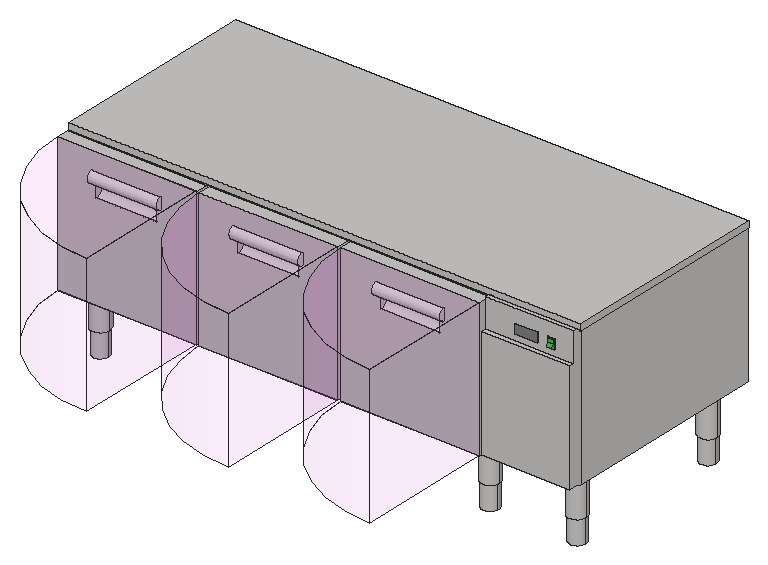
Revit family "QF_ZANUSSI_372293_Z7TTCECOMKN", category Specialty Equipment, Revit 2021
Family settings
  Round Connector Dimension = Use Diameter
  Part Type = Normal
  Work Plane-Based = No
  Always vertical = Yes
  Cut with Voids When Loaded = No
  Shared = No
  Room Calculation Point = No
Parameters (values of type "Standard")
  Weight = 110.00 kg
  Watts = 0 W
  Volts = 220 V
  URL Manufacturer = "http://www.zanussiprofessional.com"
  URL = "http://www.zanussiprofessional.com"
  Steam Supply Size = 0 mm
  Steam Supply Minimum Pressure = 0.0 Pa
  Steam Supply Maximum Pressure = 0.0 Pa
  Steam Pounds per Hour = 0
  Show Clearance [instance] = yes
  Refrigeration Suction Line Size = 0 mm
  Refrigeration Liquid Line Size = 0 mm
  Refrigerant Compressor Remote = yes
  Manufacturer = "Zanussi"
  Phase = 1
  Model = "Z7TTCECOMKN"
  Length Actual = 1600 mm
  Item Number = "372293"
  Hot Water Size = 0 mm
  Height Actual = 600 mm
  HP = "0.5 HP"
  Gas Size = 0 mm
  Gas KW = 0
  Gas Input Pressure = 0 W
  Direct Waste Size = 0 mm
  Description = "REFRIGERATED BASE WITH 3 DOORS 1600MM - R290"
  Depth Actual = 700 mm
  Default Elevation = 0 mm
  Cycle = 50 Hz
  Condensate Return Size = 0 mm
  Compressed Air Volume = 0.0 L/s
  Compressed Air Size = 0 mm
  Compressed Air Pressure = 0.0 Pa
  Cold Water Size = 0 mm
  Accessory = no
Reference planes
  plane 1 "Center X": y = -65.55
  plane 2: z = 0
  plane 3 "Centro (Sinistra/Destra)": x = -200
  plane 4: y = -315.05
  plane 5: y = 194.95
  plane 6 "BACK": y = 282.95
  plane 7 "FRONT": y = -414.05
  plane 8: y = -881.83
  plane 9: x = -944
  plane 10: x = 544
  plane 11: y = -369.551
  plane 12: z = 200
  plane 13 "TOP": z = 630
  plane 14 "LEFT": x = -1000
  plane 15 "RIGHT": x = 600
  plane 16: x = 272
Forms (mm)
  Extrusion 1, solid, material "QF_Finishes_Stainless Steel"
    sketch origin (-1022.223, -1524, 200) x (-1, 0, 0) y (0, -1, 0)
      loop
        line (-23.223, -1806.95) -> (-23.223, -1154.449) -> (-1621.223, -1154.449) -> (-1621.223, -1806.95) -> (-23.223, -1806.95)
    from 0 to 430
  Extrusion 2, solid, material "QF_Finishes_Stainless Steel"
    sketch origin (-1022.223, -1524, 200) x (-1, 0, 0) y (0, -1, 0)
      loop
        circle (-1581.223, -1646.95) r 12
    from -10 to 0
  Extrusion 3, solid, material "QF_Finishes_Stainless Steel"
    sketch origin (-599, 0, -5) x (0, 1, 0) y (0, 0, 1)
      loop
        line (-369.551, 635) -> (282.95, 635) -> (282.95, 655) -> (-369.551, 655) -> (-369.551, 635)
    from 1198 to -400
  Extrusion 4, solid, material "QF_Finishes_Stainless Steel"
    sketch origin (599, 0, 0) x (0, 1, 0) y (0, 0, 1)
      loop
        line (-369.551, 629.527) -> (-386.314, 640.994) -> (-397.65, 640.994) -> (-397.65, 549.796) -> (-414.05, 549.796) -> (-414.05, 204.796) -> (-384.714, 204.796) -> (-374.993, 200) -> (-369.551, 200) -> (-369.551, 629.527)
    from 0 to -275
  Extrusion 5, solid, material "QF_Finishes_Black"
    sketch origin (605.8, -397.65, 630.994) x (0, 0, -1) y (1, 0, 0)
      loop
        line (32.198, -86.899) -> (61.199, -86.899) -> (61.199, -64.9) -> (32.198, -64.9) -> (32.198, -86.899)
    from 0 to 1.6
  Extrusion 6, solid, material "QF_Finishes_Grey"
    sketch origin (627, -397.65, 630.994) x (0, 0, -1) y (1, 0, 0)
      loop
        line (32.198, -210.099) -> (61.199, -210.099) -> (61.199, -140.099) -> (32.198, -140.099) -> (32.198, -210.099)
    from 0 to 1.6
  Extrusion 7, solid, material "QF_Finishes_Green"
    sketch origin (540.9, -397.65, 598.796) x (0, 0, -1) y (0, 1, 0)
      loop
        line (2.279, -3.281) -> (14.5, -3.281) -> (25.308, -8.985)
        arc (25.308, -8.985) -> (26.537, -5.394) -> (26.605, -1.6) r 12.221
        line (26.605, -1.6) -> (2.395, -1.6)
        arc (2.395, -1.6) -> (2.308, -2.439) -> (2.279, -3.281) r 12.221
    from -20 to -2
  Extrusion 8, solid, material "QF_Finishes_Handrails and Railings"
    sketch origin (-356.028, -157.946, 1924.198) x (0, 0.885087, 0.465426) y (0, -0.465426, 0.885087)
      loop
        arc (-854.629, -1074.965) -> (-878.641, -1082.427) -> (-871.18, -1106.439) r 17.78
        line (-871.18, -1106.439) -> (-854.629, -1074.965)
    from -93.472 to 121.528
  Extrusion 9, solid, material "QF_Finishes_Stainless Steel"
    sketch origin (-556.053, 285.95, 14.715) x (0, 1, 0) y (0, 0, 1)
      loop
        line (-700, 486.991) -> (-660.001, 486.991) -> (-660.001, 530.285) -> (-678.147, 530.285) -> (-678.147, 511.464)
        arc (-678.147, 511.464) -> (-684.405, 495.059) -> (-700, 486.991) r 24.63
    from 118.753 to 309.354
  Extrusion 10, solid, material "QF_Finishes_Handrails and Railings"
    sketch origin (85.972, -157.946, 1924.198) x (0, 0.885087, 0.465426) y (0, -0.465426, 0.885087)
      loop
        arc (-854.629, -1074.965) -> (-878.641, -1082.427) -> (-871.18, -1106.439) r 17.78
        line (-871.18, -1106.439) -> (-854.629, -1074.965)
    from -89.472 to 121.528
  Extrusion 11, solid, material "QF_Finishes_Stainless Steel"
    sketch origin (-114.053, 285.95, 14.715) x (0, 1, 0) y (0, 0, 1)
      loop
        line (-700, 486.991) -> (-660.001, 486.991) -> (-660.001, 530.285) -> (-678.147, 530.285) -> (-678.147, 511.464)
        arc (-678.147, 511.464) -> (-684.405, 495.059) -> (-700, 486.991) r 24.63
    from 122.753 to 309.354
  Extrusion 12, solid, material "QF_Finishes_Stainless Steel"
    sketch origin (38, -414.05, 0) x (-1, 0, 0) y (0, 0, 1)
      loop
        line (595, 629.2) -> (160.999, 629.2) -> (160.999, 201.587) -> (595, 201.587) -> (595, 629.2)
      loop
        line (153, 629.2) -> (-281, 629.2) -> (-281, 201.587) -> (153, 201.587) -> (153, 629.2)
      loop
        line (475.3, 501.706) -> (475.3, 545) -> (284.699, 545) -> (284.699, 501.706) -> (475.3, 501.706)
      loop
        line (29.3, 501.706) -> (29.3, 545) -> (-157.301, 545) -> (-157.301, 501.706) -> (29.3, 501.706)
      loop
        line (1037, 629.2) -> (602.999, 629.2) -> (602.999, 201.587) -> (1037, 201.587) -> (1037, 629.2)
      loop
        line (917.3, 501.706) -> (917.3, 545) -> (726.699, 545) -> (726.699, 501.706) -> (917.3, 501.706)
    from 0 to 40
  Extrusion 13, solid, material "QF_Finishes_Handrails and Railings"
    sketch origin (-798.028, -157.946, 1924.198) x (0, 0.885087, 0.465426) y (0, -0.465426, 0.885087)
      loop
        arc (-854.629, -1074.965) -> (-878.641, -1082.427) -> (-871.18, -1106.439) r 17.78
        line (-871.18, -1106.439) -> (-854.629, -1074.965)
    from -93.472 to 121.528
  Extrusion 14, solid, material "QF_Finishes_Stainless Steel"
    sketch origin (-998.053, 285.95, 14.715) x (0, 1, 0) y (0, 0, 1)
      loop
        line (-700, 486.991) -> (-660.001, 486.991) -> (-660.001, 530.285) -> (-678.147, 530.285) -> (-678.147, 511.464)
        arc (-678.147, 511.464) -> (-684.405, 495.059) -> (-700, 486.991) r 24.63
    from 118.753 to 309.354
  Extrusion 15, solid, material "QF_Door-Drawer Clearances", visible <- "Show Clearance"
    sketch origin (-915, 437.3, 650) x (0, -1, 0) y (1, 0, 0)
      loop
        line (851.35, 1234) -> (851.35, 800)
        arc (851.35, 800) -> (1154.832, 928.644) -> (1278.963, 1234) r 431.526
        line (1278.963, 1234) -> (851.35, 1234)
      loop
        line (851.35, 792) -> (851.35, 358)
        arc (851.35, 358) -> (1154.832, 486.644) -> (1278.963, 792) r 431.526
        line (1278.963, 792) -> (851.35, 792)
      loop
        line (851.35, 350.001) -> (851.35, -83.999)
        arc (851.35, -83.999) -> (1154.832, 44.645) -> (1278.963, 350.001) r 431.526
        line (1278.963, 350.001) -> (851.35, 350.001)
    from -450 to -20
Lines and regions (mm)
  Split face 1
    outline origin (627, -399.25, 630.994) x (0, 0, -1) y (1, 0, 0)
      loop
        line (37.198, -200.099) -> (52.198, -200.099) -> (52.198, -150.099) -> (37.198, -150.099) -> (37.198, -200.099)
  Split face 2
    outline origin (627, -399.25, 630.994) x (0, 0, -1) y (1, 0, 0)
      loop
        line (59.151, -200.099) -> (59.151, -189.099) -> (54.151, -189.099) -> (54.151, -200.099) -> (59.151, -200.099)
  Split face 3
    outline origin (627, -399.25, 630.994) x (0, 0, -1) y (1, 0, 0)
      loop
        line (54.151, -187.099) -> (59.151, -187.099) -> (59.151, -176.099) -> (54.151, -176.099) -> (54.151, -187.099)
  Split face 4
    outline origin (640, -399.25, 630.994) x (0, 0, -1) y (1, 0, 0)
      loop
        line (54.151, -187.099) -> (59.151, -187.099) -> (59.151, -176.099) -> (54.151, -176.099) -> (54.151, -187.099)
  Split face 5
    outline origin (653, -399.25, 630.994) x (0, 0, -1) y (1, 0, 0)
      loop
        line (54.151, -187.099) -> (59.151, -187.099) -> (59.151, -176.099) -> (54.151, -176.099) -> (54.151, -187.099)
  Split face 6
    outline origin (304.5, -414.05, 713.499) x (1, 0, 0) y (0, 0, 1)
      loop
        arc (90.48, -282.599) -> (94.5, -278.61) -> (90.5, -274.599) r 4
        line (90.5, -274.599) -> (58.5, -274.599)
        arc (58.5, -274.599) -> (54.5, -278.61) -> (58.521, -282.599) r 4
        line (58.521, -282.599) -> (90.48, -282.599)
  Split face 7
    outline origin (304.5, -414.05, 725.499) x (1, 0, 0) y (0, 0, 1)
      loop
        arc (90.48, -282.599) -> (94.5, -278.61) -> (90.5, -274.599) r 4
        line (90.5, -274.599) -> (58.5, -274.599)
        arc (58.5, -274.599) -> (54.5, -278.61) -> (58.521, -282.599) r 4
        line (58.521, -282.599) -> (90.48, -282.599)
  Split face 8
    outline origin (304.5, -414.05, 737.499) x (1, 0, 0) y (0, 0, 1)
      loop
        arc (90.48, -282.599) -> (94.5, -278.61) -> (90.5, -274.599) r 4
        line (90.5, -274.599) -> (58.5, -274.599)
        arc (58.5, -274.599) -> (54.5, -278.61) -> (58.521, -282.599) r 4
        line (58.521, -282.599) -> (90.48, -282.599)
  Split face 9
    outline origin (304.5, -414.05, 749.396) x (1, 0, 0) y (0, 0, 1)
      loop
        arc (90.48, -282.599) -> (94.5, -278.61) -> (90.5, -274.599) r 4
        line (90.5, -274.599) -> (58.5, -274.599)
        arc (58.5, -274.599) -> (54.5, -278.61) -> (58.521, -282.599) r 4
        line (58.521, -282.599) -> (90.48, -282.599)
  Split face 10
    outline origin (304.5, -414.05, 761.395) x (1, 0, 0) y (0, 0, 1)
      loop
        arc (90.48, -282.599) -> (94.5, -278.61) -> (90.5, -274.599) r 4
        line (90.5, -274.599) -> (58.5, -274.599)
        arc (58.5, -274.599) -> (54.5, -278.61) -> (58.521, -282.599) r 4
        line (58.521, -282.599) -> (90.48, -282.599)
  Split face 11
    outline origin (304.5, -414.05, 773.395) x (1, 0, 0) y (0, 0, 1)
      loop
        arc (90.48, -282.599) -> (94.5, -278.61) -> (90.5, -274.599) r 4
        line (90.5, -274.599) -> (58.5, -274.599)
        arc (58.5, -274.599) -> (54.5, -278.61) -> (58.521, -282.599) r 4
        line (58.521, -282.599) -> (90.48, -282.599)
  Split face 12
    outline origin (304.5, -414.05, 785.395) x (1, 0, 0) y (0, 0, 1)
      loop
        arc (90.48, -282.599) -> (94.5, -278.61) -> (90.5, -274.599) r 4
        line (90.5, -274.599) -> (58.5, -274.599)
        arc (58.5, -274.599) -> (54.5, -278.61) -> (58.521, -282.599) r 4
        line (58.521, -282.599) -> (90.48, -282.599)
  Split face 13
    outline origin (304.5, -414.05, 797.395) x (1, 0, 0) y (0, 0, 1)
      loop
        arc (90.48, -282.599) -> (94.5, -278.61) -> (90.5, -274.599) r 4
        line (90.5, -274.599) -> (58.5, -274.599)
        arc (58.5, -274.599) -> (54.5, -278.61) -> (58.521, -282.599) r 4
        line (58.521, -282.599) -> (90.48, -282.599)
  Split face 14
    outline origin (304.5, -414.05, 809.395) x (1, 0, 0) y (0, 0, 1)
      loop
        arc (90.48, -282.599) -> (94.5, -278.61) -> (90.5, -274.599) r 4
        line (90.5, -274.599) -> (58.5, -274.599)
        arc (58.5, -274.599) -> (54.5, -278.61) -> (58.521, -282.599) r 4
        line (58.521, -282.599) -> (90.48, -282.599)
  Split face 15
    outline origin (304.5, -414.05, 701.499) x (1, 0, 0) y (0, 0, 1)
      loop
        arc (90.48, -282.599) -> (94.5, -278.61) -> (90.5, -274.599) r 4
        line (90.5, -274.599) -> (58.5, -274.599)
        arc (58.5, -274.599) -> (54.5, -278.61) -> (58.521, -282.599) r 4
        line (58.521, -282.599) -> (90.48, -282.599)
  Split face 16
    outline origin (304.5, -414.05, 605.603) x (1, 0, 0) y (0, 0, 1)
      loop
        arc (90.48, -282.599) -> (94.5, -278.61) -> (90.5, -274.599) r 4
        line (90.5, -274.599) -> (58.5, -274.599)
        arc (58.5, -274.599) -> (54.5, -278.61) -> (58.521, -282.599) r 4
        line (58.521, -282.599) -> (90.48, -282.599)
  Split face 17
    outline origin (304.5, -414.05, 617.603) x (1, 0, 0) y (0, 0, 1)
      loop
        arc (90.48, -282.599) -> (94.5, -278.61) -> (90.5, -274.599) r 4
        line (90.5, -274.599) -> (58.5, -274.599)
        arc (58.5, -274.599) -> (54.5, -278.61) -> (58.521, -282.599) r 4
        line (58.521, -282.599) -> (90.48, -282.599)
  Split face 18
    outline origin (304.5, -414.05, 629.602) x (1, 0, 0) y (0, 0, 1)
      loop
        arc (90.48, -282.599) -> (94.5, -278.61) -> (90.5, -274.599) r 4
        line (90.5, -274.599) -> (58.5, -274.599)
        arc (58.5, -274.599) -> (54.5, -278.61) -> (58.521, -282.599) r 4
        line (58.521, -282.599) -> (90.48, -282.599)
  Split face 19
    outline origin (304.5, -414.05, 677.499) x (1, 0, 0) y (0, 0, 1)
      loop
        arc (90.48, -282.599) -> (94.5, -278.61) -> (90.5, -274.599) r 4
        line (90.5, -274.599) -> (58.5, -274.599)
        arc (58.5, -274.599) -> (54.5, -278.61) -> (58.521, -282.599) r 4
        line (58.521, -282.599) -> (90.48, -282.599)
  Split face 20
    outline origin (304.5, -414.05, 689.499) x (1, 0, 0) y (0, 0, 1)
      loop
        arc (90.48, -282.599) -> (94.5, -278.61) -> (90.5, -274.599) r 4
        line (90.5, -274.599) -> (58.5, -274.599)
        arc (58.5, -274.599) -> (54.5, -278.61) -> (58.521, -282.599) r 4
        line (58.521, -282.599) -> (90.48, -282.599)
  Split face 21
    outline origin (304.5, -414.05, 593.603) x (1, 0, 0) y (0, 0, 1)
      loop
        arc (90.48, -282.599) -> (94.5, -278.61) -> (90.5, -274.599) r 4
        line (90.5, -274.599) -> (58.5, -274.599)
        arc (58.5, -274.599) -> (54.5, -278.61) -> (58.521, -282.599) r 4
        line (58.521, -282.599) -> (90.48, -282.599)
  Split face 22
    outline origin (304.5, -414.05, 497.707) x (1, 0, 0) y (0, 0, 1)
      loop
        arc (90.48, -282.599) -> (94.5, -278.61) -> (90.5, -274.599) r 4
        line (90.5, -274.599) -> (58.5, -274.599)
        arc (58.5, -274.599) -> (54.5, -278.61) -> (58.521, -282.599) r 4
        line (58.521, -282.599) -> (90.48, -282.599)
  Split face 23
    outline origin (304.5, -414.05, 509.707) x (1, 0, 0) y (0, 0, 1)
      loop
        arc (90.48, -282.599) -> (94.5, -278.61) -> (90.5, -274.599) r 4
        line (90.5, -274.599) -> (58.5, -274.599)
        arc (58.5, -274.599) -> (54.5, -278.61) -> (58.521, -282.599) r 4
        line (58.521, -282.599) -> (90.48, -282.599)
  Split face 24
    outline origin (304.5, -414.05, 521.706) x (1, 0, 0) y (0, 0, 1)
      loop
        arc (90.48, -282.599) -> (94.5, -278.61) -> (90.5, -274.599) r 4
        line (90.5, -274.599) -> (58.5, -274.599)
        arc (58.5, -274.599) -> (54.5, -278.61) -> (58.521, -282.599) r 4
        line (58.521, -282.599) -> (90.48, -282.599)
  Split face 25
    outline origin (304.5, -414.05, 533.604) x (1, 0, 0) y (0, 0, 1)
      loop
        arc (90.48, -282.599) -> (94.5, -278.61) -> (90.5, -274.599) r 4
        line (90.5, -274.599) -> (58.5, -274.599)
        arc (58.5, -274.599) -> (54.5, -278.61) -> (58.521, -282.599) r 4
        line (58.521, -282.599) -> (90.48, -282.599)
  Split face 26
    outline origin (304.5, -414.05, 545.603) x (1, 0, 0) y (0, 0, 1)
      loop
        arc (90.48, -282.599) -> (94.5, -278.61) -> (90.5, -274.599) r 4
        line (90.5, -274.599) -> (58.5, -274.599)
        arc (58.5, -274.599) -> (54.5, -278.61) -> (58.521, -282.599) r 4
        line (58.521, -282.599) -> (90.48, -282.599)
  Split face 27
    outline origin (304.5, -414.05, 557.603) x (1, 0, 0) y (0, 0, 1)
      loop
        arc (90.48, -282.599) -> (94.5, -278.61) -> (90.5, -274.599) r 4
        line (90.5, -274.599) -> (58.5, -274.599)
        arc (58.5, -274.599) -> (54.5, -278.61) -> (58.521, -282.599) r 4
        line (58.521, -282.599) -> (90.48, -282.599)
  Split face 28
    outline origin (304.5, -414.05, 569.603) x (1, 0, 0) y (0, 0, 1)
      loop
        arc (90.48, -282.599) -> (94.5, -278.61) -> (90.5, -274.599) r 4
        line (90.5, -274.599) -> (58.5, -274.599)
        arc (58.5, -274.599) -> (54.5, -278.61) -> (58.521, -282.599) r 4
        line (58.521, -282.599) -> (90.48, -282.599)
  Split face 29
    outline origin (304.5, -414.05, 581.603) x (1, 0, 0) y (0, 0, 1)
      loop
        arc (90.48, -282.599) -> (94.5, -278.61) -> (90.5, -274.599) r 4
        line (90.5, -274.599) -> (58.5, -274.599)
        arc (58.5, -274.599) -> (54.5, -278.61) -> (58.521, -282.599) r 4
        line (58.521, -282.599) -> (90.48, -282.599)
  Split face 30
    outline origin (359.5, -414.05, 713.499) x (1, 0, 0) y (0, 0, 1)
      loop
        arc (90.48, -282.599) -> (94.5, -278.61) -> (90.5, -274.599) r 4
        line (90.5, -274.599) -> (58.5, -274.599)
        arc (58.5, -274.599) -> (54.5, -278.61) -> (58.521, -282.599) r 4
        line (58.521, -282.599) -> (90.48, -282.599)
  Split face 31
    outline origin (359.5, -414.05, 725.499) x (1, 0, 0) y (0, 0, 1)
      loop
        arc (90.48, -282.599) -> (94.5, -278.61) -> (90.5, -274.599) r 4
        line (90.5, -274.599) -> (58.5, -274.599)
        arc (58.5, -274.599) -> (54.5, -278.61) -> (58.521, -282.599) r 4
        line (58.521, -282.599) -> (90.48, -282.599)
  Split face 32
    outline origin (359.5, -414.05, 737.499) x (1, 0, 0) y (0, 0, 1)
      loop
        arc (90.48, -282.599) -> (94.5, -278.61) -> (90.5, -274.599) r 4
        line (90.5, -274.599) -> (58.5, -274.599)
        arc (58.5, -274.599) -> (54.5, -278.61) -> (58.521, -282.599) r 4
        line (58.521, -282.599) -> (90.48, -282.599)
  Split face 33
    outline origin (359.5, -414.05, 749.396) x (1, 0, 0) y (0, 0, 1)
      loop
        arc (90.48, -282.599) -> (94.5, -278.61) -> (90.5, -274.599) r 4
        line (90.5, -274.599) -> (58.5, -274.599)
        arc (58.5, -274.599) -> (54.5, -278.61) -> (58.521, -282.599) r 4
        line (58.521, -282.599) -> (90.48, -282.599)
  Split face 34
    outline origin (359.5, -414.05, 761.395) x (1, 0, 0) y (0, 0, 1)
      loop
        arc (90.48, -282.599) -> (94.5, -278.61) -> (90.5, -274.599) r 4
        line (90.5, -274.599) -> (58.5, -274.599)
        arc (58.5, -274.599) -> (54.5, -278.61) -> (58.521, -282.599) r 4
        line (58.521, -282.599) -> (90.48, -282.599)
  Split face 35
    outline origin (359.5, -414.05, 773.395) x (1, 0, 0) y (0, 0, 1)
      loop
        arc (90.48, -282.599) -> (94.5, -278.61) -> (90.5, -274.599) r 4
        line (90.5, -274.599) -> (58.5, -274.599)
        arc (58.5, -274.599) -> (54.5, -278.61) -> (58.521, -282.599) r 4
        line (58.521, -282.599) -> (90.48, -282.599)
  Split face 36
    outline origin (359.5, -414.05, 785.395) x (1, 0, 0) y (0, 0, 1)
      loop
        arc (90.48, -282.599) -> (94.5, -278.61) -> (90.5, -274.599) r 4
        line (90.5, -274.599) -> (58.5, -274.599)
        arc (58.5, -274.599) -> (54.5, -278.61) -> (58.521, -282.599) r 4
        line (58.521, -282.599) -> (90.48, -282.599)
  Split face 37
    outline origin (359.5, -414.05, 797.395) x (1, 0, 0) y (0, 0, 1)
      loop
        arc (90.48, -282.599) -> (94.5, -278.61) -> (90.5, -274.599) r 4
        line (90.5, -274.599) -> (58.5, -274.599)
        arc (58.5, -274.599) -> (54.5, -278.61) -> (58.521, -282.599) r 4
        line (58.521, -282.599) -> (90.48, -282.599)
  Split face 38
    outline origin (359.5, -414.05, 809.395) x (1, 0, 0) y (0, 0, 1)
      loop
        arc (90.48, -282.599) -> (94.5, -278.61) -> (90.5, -274.599) r 4
        line (90.5, -274.599) -> (58.5, -274.599)
        arc (58.5, -274.599) -> (54.5, -278.61) -> (58.521, -282.599) r 4
        line (58.521, -282.599) -> (90.48, -282.599)
  Split face 39
    outline origin (359.5, -414.05, 701.499) x (1, 0, 0) y (0, 0, 1)
      loop
        arc (90.48, -282.599) -> (94.5, -278.61) -> (90.5, -274.599) r 4
        line (90.5, -274.599) -> (58.5, -274.599)
        arc (58.5, -274.599) -> (54.5, -278.61) -> (58.521, -282.599) r 4
        line (58.521, -282.599) -> (90.48, -282.599)
  Split face 40
    outline origin (359.5, -414.05, 605.603) x (1, 0, 0) y (0, 0, 1)
      loop
        arc (90.48, -282.599) -> (94.5, -278.61) -> (90.5, -274.599) r 4
        line (90.5, -274.599) -> (58.5, -274.599)
        arc (58.5, -274.599) -> (54.5, -278.61) -> (58.521, -282.599) r 4
        line (58.521, -282.599) -> (90.48, -282.599)
  Split face 41
    outline origin (359.5, -414.05, 617.603) x (1, 0, 0) y (0, 0, 1)
      loop
        arc (90.48, -282.599) -> (94.5, -278.61) -> (90.5, -274.599) r 4
        line (90.5, -274.599) -> (58.5, -274.599)
        arc (58.5, -274.599) -> (54.5, -278.61) -> (58.521, -282.599) r 4
        line (58.521, -282.599) -> (90.48, -282.599)
  Split face 42
    outline origin (359.5, -414.05, 629.602) x (1, 0, 0) y (0, 0, 1)
      loop
        arc (90.48, -282.599) -> (94.5, -278.61) -> (90.5, -274.599) r 4
        line (90.5, -274.599) -> (58.5, -274.599)
        arc (58.5, -274.599) -> (54.5, -278.61) -> (58.521, -282.599) r 4
        line (58.521, -282.599) -> (90.48, -282.599)
  Split face 43
    outline origin (359.5, -414.05, 677.499) x (1, 0, 0) y (0, 0, 1)
      loop
        arc (90.48, -282.599) -> (94.5, -278.61) -> (90.5, -274.599) r 4
        line (90.5, -274.599) -> (58.5, -274.599)
        arc (58.5, -274.599) -> (54.5, -278.61) -> (58.521, -282.599) r 4
        line (58.521, -282.599) -> (90.48, -282.599)
  Split face 44
    outline origin (359.5, -414.05, 689.499) x (1, 0, 0) y (0, 0, 1)
      loop
        arc (90.48, -282.599) -> (94.5, -278.61) -> (90.5, -274.599) r 4
        line (90.5, -274.599) -> (58.5, -274.599)
        arc (58.5, -274.599) -> (54.5, -278.61) -> (58.521, -282.599) r 4
        line (58.521, -282.599) -> (90.48, -282.599)
  Split face 45
    outline origin (359.5, -414.05, 593.603) x (1, 0, 0) y (0, 0, 1)
      loop
        arc (90.48, -282.599) -> (94.5, -278.61) -> (90.5, -274.599) r 4
        line (90.5, -274.599) -> (58.5, -274.599)
        arc (58.5, -274.599) -> (54.5, -278.61) -> (58.521, -282.599) r 4
        line (58.521, -282.599) -> (90.48, -282.599)
  Split face 46
    outline origin (359.5, -414.05, 497.707) x (1, 0, 0) y (0, 0, 1)
      loop
        arc (90.48, -282.599) -> (94.5, -278.61) -> (90.5, -274.599) r 4
        line (90.5, -274.599) -> (58.5, -274.599)
        arc (58.5, -274.599) -> (54.5, -278.61) -> (58.521, -282.599) r 4
        line (58.521, -282.599) -> (90.48, -282.599)
  Split face 47
    outline origin (359.5, -414.05, 509.707) x (1, 0, 0) y (0, 0, 1)
      loop
        arc (90.48, -282.599) -> (94.5, -278.61) -> (90.5, -274.599) r 4
        line (90.5, -274.599) -> (58.5, -274.599)
        arc (58.5, -274.599) -> (54.5, -278.61) -> (58.521, -282.599) r 4
        line (58.521, -282.599) -> (90.48, -282.599)
  Split face 48
    outline origin (359.5, -414.05, 521.706) x (1, 0, 0) y (0, 0, 1)
      loop
        arc (90.48, -282.599) -> (94.5, -278.61) -> (90.5, -274.599) r 4
        line (90.5, -274.599) -> (58.5, -274.599)
        arc (58.5, -274.599) -> (54.5, -278.61) -> (58.521, -282.599) r 4
        line (58.521, -282.599) -> (90.48, -282.599)
  Split face 49
    outline origin (359.5, -414.05, 533.604) x (1, 0, 0) y (0, 0, 1)
      loop
        arc (90.48, -282.599) -> (94.5, -278.61) -> (90.5, -274.599) r 4
        line (90.5, -274.599) -> (58.5, -274.599)
        arc (58.5, -274.599) -> (54.5, -278.61) -> (58.521, -282.599) r 4
        line (58.521, -282.599) -> (90.48, -282.599)
  Split face 50
    outline origin (359.5, -414.05, 545.603) x (1, 0, 0) y (0, 0, 1)
      loop
        arc (90.48, -282.599) -> (94.5, -278.61) -> (90.5, -274.599) r 4
        line (90.5, -274.599) -> (58.5, -274.599)
        arc (58.5, -274.599) -> (54.5, -278.61) -> (58.521, -282.599) r 4
        line (58.521, -282.599) -> (90.48, -282.599)
  Split face 51
    outline origin (359.5, -414.05, 557.603) x (1, 0, 0) y (0, 0, 1)
      loop
        arc (90.48, -282.599) -> (94.5, -278.61) -> (90.5, -274.599) r 4
        line (90.5, -274.599) -> (58.5, -274.599)
        arc (58.5, -274.599) -> (54.5, -278.61) -> (58.521, -282.599) r 4
        line (58.521, -282.599) -> (90.48, -282.599)
  Split face 52
    outline origin (359.5, -414.05, 569.603) x (1, 0, 0) y (0, 0, 1)
      loop
        arc (90.48, -282.599) -> (94.5, -278.61) -> (90.5, -274.599) r 4
        line (90.5, -274.599) -> (58.5, -274.599)
        arc (58.5, -274.599) -> (54.5, -278.61) -> (58.521, -282.599) r 4
        line (58.521, -282.599) -> (90.48, -282.599)
  Split face 53
    outline origin (359.5, -414.05, 581.603) x (1, 0, 0) y (0, 0, 1)
      loop
        arc (90.48, -282.599) -> (94.5, -278.61) -> (90.5, -274.599) r 4
        line (90.5, -274.599) -> (58.5, -274.599)
        arc (58.5, -274.599) -> (54.5, -278.61) -> (58.521, -282.599) r 4
        line (58.521, -282.599) -> (90.48, -282.599)
  Split face 54
    outline origin (414.5, -414.05, 713.499) x (1, 0, 0) y (0, 0, 1)
      loop
        arc (90.48, -282.599) -> (94.5, -278.61) -> (90.5, -274.599) r 4
        line (90.5, -274.599) -> (58.5, -274.599)
        arc (58.5, -274.599) -> (54.5, -278.61) -> (58.521, -282.599) r 4
        line (58.521, -282.599) -> (90.48, -282.599)
  Split face 55
    outline origin (414.5, -414.05, 725.499) x (1, 0, 0) y (0, 0, 1)
      loop
        arc (90.48, -282.599) -> (94.5, -278.61) -> (90.5, -274.599) r 4
        line (90.5, -274.599) -> (58.5, -274.599)
        arc (58.5, -274.599) -> (54.5, -278.61) -> (58.521, -282.599) r 4
        line (58.521, -282.599) -> (90.48, -282.599)
  Split face 56
    outline origin (414.5, -414.05, 737.499) x (1, 0, 0) y (0, 0, 1)
      loop
        arc (90.48, -282.599) -> (94.5, -278.61) -> (90.5, -274.599) r 4
        line (90.5, -274.599) -> (58.5, -274.599)
        arc (58.5, -274.599) -> (54.5, -278.61) -> (58.521, -282.599) r 4
        line (58.521, -282.599) -> (90.48, -282.599)
  Split face 57
    outline origin (414.5, -414.05, 749.396) x (1, 0, 0) y (0, 0, 1)
      loop
        arc (90.48, -282.599) -> (94.5, -278.61) -> (90.5, -274.599) r 4
        line (90.5, -274.599) -> (58.5, -274.599)
        arc (58.5, -274.599) -> (54.5, -278.61) -> (58.521, -282.599) r 4
        line (58.521, -282.599) -> (90.48, -282.599)
  Split face 58
    outline origin (414.5, -414.05, 761.395) x (1, 0, 0) y (0, 0, 1)
      loop
        arc (90.48, -282.599) -> (94.5, -278.61) -> (90.5, -274.599) r 4
        line (90.5, -274.599) -> (58.5, -274.599)
        arc (58.5, -274.599) -> (54.5, -278.61) -> (58.521, -282.599) r 4
        line (58.521, -282.599) -> (90.48, -282.599)
  Split face 59
    outline origin (414.5, -414.05, 773.395) x (1, 0, 0) y (0, 0, 1)
      loop
        arc (90.48, -282.599) -> (94.5, -278.61) -> (90.5, -274.599) r 4
        line (90.5, -274.599) -> (58.5, -274.599)
        arc (58.5, -274.599) -> (54.5, -278.61) -> (58.521, -282.599) r 4
        line (58.521, -282.599) -> (90.48, -282.599)
  Split face 60
    outline origin (414.5, -414.05, 785.395) x (1, 0, 0) y (0, 0, 1)
      loop
        arc (90.48, -282.599) -> (94.5, -278.61) -> (90.5, -274.599) r 4
        line (90.5, -274.599) -> (58.5, -274.599)
        arc (58.5, -274.599) -> (54.5, -278.61) -> (58.521, -282.599) r 4
        line (58.521, -282.599) -> (90.48, -282.599)
  Split face 61
    outline origin (414.5, -414.05, 797.395) x (1, 0, 0) y (0, 0, 1)
      loop
        arc (90.48, -282.599) -> (94.5, -278.61) -> (90.5, -274.599) r 4
        line (90.5, -274.599) -> (58.5, -274.599)
        arc (58.5, -274.599) -> (54.5, -278.61) -> (58.521, -282.599) r 4
        line (58.521, -282.599) -> (90.48, -282.599)
  Split face 62
    outline origin (414.5, -414.05, 809.395) x (1, 0, 0) y (0, 0, 1)
      loop
        arc (90.48, -282.599) -> (94.5, -278.61) -> (90.5, -274.599) r 4
        line (90.5, -274.599) -> (58.5, -274.599)
        arc (58.5, -274.599) -> (54.5, -278.61) -> (58.521, -282.599) r 4
        line (58.521, -282.599) -> (90.48, -282.599)
  Split face 63
    outline origin (414.5, -414.05, 701.499) x (1, 0, 0) y (0, 0, 1)
      loop
        arc (90.48, -282.599) -> (94.5, -278.61) -> (90.5, -274.599) r 4
        line (90.5, -274.599) -> (58.5, -274.599)
        arc (58.5, -274.599) -> (54.5, -278.61) -> (58.521, -282.599) r 4
        line (58.521, -282.599) -> (90.48, -282.599)
  Split face 64
    outline origin (414.5, -414.05, 605.603) x (1, 0, 0) y (0, 0, 1)
      loop
        arc (90.48, -282.599) -> (94.5, -278.61) -> (90.5, -274.599) r 4
        line (90.5, -274.599) -> (58.5, -274.599)
        arc (58.5, -274.599) -> (54.5, -278.61) -> (58.521, -282.599) r 4
        line (58.521, -282.599) -> (90.48, -282.599)
  Split face 65
    outline origin (414.5, -414.05, 617.603) x (1, 0, 0) y (0, 0, 1)
      loop
        arc (90.48, -282.599) -> (94.5, -278.61) -> (90.5, -274.599) r 4
        line (90.5, -274.599) -> (58.5, -274.599)
        arc (58.5, -274.599) -> (54.5, -278.61) -> (58.521, -282.599) r 4
        line (58.521, -282.599) -> (90.48, -282.599)
  Split face 66
    outline origin (414.5, -414.05, 629.602) x (1, 0, 0) y (0, 0, 1)
      loop
        arc (90.48, -282.599) -> (94.5, -278.61) -> (90.5, -274.599) r 4
        line (90.5, -274.599) -> (58.5, -274.599)
        arc (58.5, -274.599) -> (54.5, -278.61) -> (58.521, -282.599) r 4
        line (58.521, -282.599) -> (90.48, -282.599)
  Split face 67
    outline origin (414.5, -414.05, 677.499) x (1, 0, 0) y (0, 0, 1)
      loop
        arc (90.48, -282.599) -> (94.5, -278.61) -> (90.5, -274.599) r 4
        line (90.5, -274.599) -> (58.5, -274.599)
        arc (58.5, -274.599) -> (54.5, -278.61) -> (58.521, -282.599) r 4
        line (58.521, -282.599) -> (90.48, -282.599)
  Split face 68
    outline origin (414.5, -414.05, 689.499) x (1, 0, 0) y (0, 0, 1)
      loop
        arc (90.48, -282.599) -> (94.5, -278.61) -> (90.5, -274.599) r 4
        line (90.5, -274.599) -> (58.5, -274.599)
        arc (58.5, -274.599) -> (54.5, -278.61) -> (58.521, -282.599) r 4
        line (58.521, -282.599) -> (90.48, -282.599)
  Split face 69
    outline origin (414.5, -414.05, 593.603) x (1, 0, 0) y (0, 0, 1)
      loop
        arc (90.48, -282.599) -> (94.5, -278.61) -> (90.5, -274.599) r 4
        line (90.5, -274.599) -> (58.5, -274.599)
        arc (58.5, -274.599) -> (54.5, -278.61) -> (58.521, -282.599) r 4
        line (58.521, -282.599) -> (90.48, -282.599)
  Split face 70
    outline origin (414.5, -414.05, 497.707) x (1, 0, 0) y (0, 0, 1)
      loop
        arc (90.48, -282.599) -> (94.5, -278.61) -> (90.5, -274.599) r 4
        line (90.5, -274.599) -> (58.5, -274.599)
        arc (58.5, -274.599) -> (54.5, -278.61) -> (58.521, -282.599) r 4
        line (58.521, -282.599) -> (90.48, -282.599)
  Split face 71
    outline origin (414.5, -414.05, 509.707) x (1, 0, 0) y (0, 0, 1)
      loop
        arc (90.48, -282.599) -> (94.5, -278.61) -> (90.5, -274.599) r 4
        line (90.5, -274.599) -> (58.5, -274.599)
        arc (58.5, -274.599) -> (54.5, -278.61) -> (58.521, -282.599) r 4
        line (58.521, -282.599) -> (90.48, -282.599)
  Split face 72
    outline origin (414.5, -414.05, 521.706) x (1, 0, 0) y (0, 0, 1)
      loop
        arc (90.48, -282.599) -> (94.5, -278.61) -> (90.5, -274.599) r 4
        line (90.5, -274.599) -> (58.5, -274.599)
        arc (58.5, -274.599) -> (54.5, -278.61) -> (58.521, -282.599) r 4
        line (58.521, -282.599) -> (90.48, -282.599)
  Split face 73
    outline origin (414.5, -414.05, 533.604) x (1, 0, 0) y (0, 0, 1)
      loop
        arc (90.48, -282.599) -> (94.5, -278.61) -> (90.5, -274.599) r 4
        line (90.5, -274.599) -> (58.5, -274.599)
        arc (58.5, -274.599) -> (54.5, -278.61) -> (58.521, -282.599) r 4
        line (58.521, -282.599) -> (90.48, -282.599)
  Split face 74
    outline origin (414.5, -414.05, 545.603) x (1, 0, 0) y (0, 0, 1)
      loop
        arc (90.48, -282.599) -> (94.5, -278.61) -> (90.5, -274.599) r 4
        line (90.5, -274.599) -> (58.5, -274.599)
        arc (58.5, -274.599) -> (54.5, -278.61) -> (58.521, -282.599) r 4
        line (58.521, -282.599) -> (90.48, -282.599)
  Split face 75
    outline origin (414.5, -414.05, 557.603) x (1, 0, 0) y (0, 0, 1)
      loop
        arc (90.48, -282.599) -> (94.5, -278.61) -> (90.5, -274.599) r 4
        line (90.5, -274.599) -> (58.5, -274.599)
        arc (58.5, -274.599) -> (54.5, -278.61) -> (58.521, -282.599) r 4
        line (58.521, -282.599) -> (90.48, -282.599)
  Split face 76
    outline origin (414.5, -414.05, 569.603) x (1, 0, 0) y (0, 0, 1)
      loop
        arc (90.48, -282.599) -> (94.5, -278.61) -> (90.5, -274.599) r 4
        line (90.5, -274.599) -> (58.5, -274.599)
        arc (58.5, -274.599) -> (54.5, -278.61) -> (58.521, -282.599) r 4
        line (58.521, -282.599) -> (90.48, -282.599)
  Split face 77
    outline origin (414.5, -414.05, 581.603) x (1, 0, 0) y (0, 0, 1)
      loop
        arc (90.48, -282.599) -> (94.5, -278.61) -> (90.5, -274.599) r 4
        line (90.5, -274.599) -> (58.5, -274.599)
        arc (58.5, -274.599) -> (54.5, -278.61) -> (58.521, -282.599) r 4
        line (58.521, -282.599) -> (90.48, -282.599)
  Split face 78
    outline origin (507.5, -414.05, 713.499) x (1, 0, 0) y (0, 0, 1)
      loop
        arc (52.48, -282.599) -> (56.5, -278.61) -> (52.5, -274.599) r 4
        line (52.5, -274.599) -> (20.5, -274.599)
        arc (20.5, -274.599) -> (16.5, -278.61) -> (20.521, -282.599) r 4
        line (20.521, -282.599) -> (52.48, -282.599)
  Split face 79
    outline origin (507.5, -414.05, 725.499) x (1, 0, 0) y (0, 0, 1)
      loop
        arc (52.48, -282.599) -> (56.5, -278.61) -> (52.5, -274.599) r 4
        line (52.5, -274.599) -> (20.5, -274.599)
        arc (20.5, -274.599) -> (16.5, -278.61) -> (20.521, -282.599) r 4
        line (20.521, -282.599) -> (52.48, -282.599)
  Split face 80
    outline origin (507.5, -414.05, 737.499) x (1, 0, 0) y (0, 0, 1)
      loop
        arc (52.48, -282.599) -> (56.5, -278.61) -> (52.5, -274.599) r 4
        line (52.5, -274.599) -> (20.5, -274.599)
        arc (20.5, -274.599) -> (16.5, -278.61) -> (20.521, -282.599) r 4
        line (20.521, -282.599) -> (52.48, -282.599)
  Split face 81
    outline origin (507.5, -414.05, 749.396) x (1, 0, 0) y (0, 0, 1)
      loop
        arc (52.48, -282.599) -> (56.5, -278.61) -> (52.5, -274.599) r 4
        line (52.5, -274.599) -> (20.5, -274.599)
        arc (20.5, -274.599) -> (16.5, -278.61) -> (20.521, -282.599) r 4
        line (20.521, -282.599) -> (52.48, -282.599)
  Split face 82
    outline origin (507.5, -414.05, 761.395) x (1, 0, 0) y (0, 0, 1)
      loop
        arc (52.48, -282.599) -> (56.5, -278.61) -> (52.5, -274.599) r 4
        line (52.5, -274.599) -> (20.5, -274.599)
        arc (20.5, -274.599) -> (16.5, -278.61) -> (20.521, -282.599) r 4
        line (20.521, -282.599) -> (52.48, -282.599)
  Split face 83
    outline origin (507.5, -414.05, 773.395) x (1, 0, 0) y (0, 0, 1)
      loop
        arc (52.48, -282.599) -> (56.5, -278.61) -> (52.5, -274.599) r 4
        line (52.5, -274.599) -> (20.5, -274.599)
        arc (20.5, -274.599) -> (16.5, -278.61) -> (20.521, -282.599) r 4
        line (20.521, -282.599) -> (52.48, -282.599)
  Split face 84
    outline origin (507.5, -414.05, 785.395) x (1, 0, 0) y (0, 0, 1)
      loop
        arc (52.48, -282.599) -> (56.5, -278.61) -> (52.5, -274.599) r 4
        line (52.5, -274.599) -> (20.5, -274.599)
        arc (20.5, -274.599) -> (16.5, -278.61) -> (20.521, -282.599) r 4
        line (20.521, -282.599) -> (52.48, -282.599)
  Split face 85
    outline origin (507.5, -414.05, 797.395) x (1, 0, 0) y (0, 0, 1)
      loop
        arc (52.48, -282.599) -> (56.5, -278.61) -> (52.5, -274.599) r 4
        line (52.5, -274.599) -> (20.5, -274.599)
        arc (20.5, -274.599) -> (16.5, -278.61) -> (20.521, -282.599) r 4
        line (20.521, -282.599) -> (52.48, -282.599)
  Split face 86
    outline origin (507.5, -414.05, 809.395) x (1, 0, 0) y (0, 0, 1)
      loop
        arc (52.48, -282.599) -> (56.5, -278.61) -> (52.5, -274.599) r 4
        line (52.5, -274.599) -> (20.5, -274.599)
        arc (20.5, -274.599) -> (16.5, -278.61) -> (20.521, -282.599) r 4
        line (20.521, -282.599) -> (52.48, -282.599)
  Split face 87
    outline origin (507.5, -414.05, 701.499) x (1, 0, 0) y (0, 0, 1)
      loop
        arc (52.48, -282.599) -> (56.5, -278.61) -> (52.5, -274.599) r 4
        line (52.5, -274.599) -> (20.5, -274.599)
        arc (20.5, -274.599) -> (16.5, -278.61) -> (20.521, -282.599) r 4
        line (20.521, -282.599) -> (52.48, -282.599)
  Split face 88
    outline origin (507.5, -414.05, 605.603) x (1, 0, 0) y (0, 0, 1)
      loop
        arc (52.48, -282.599) -> (56.5, -278.61) -> (52.5, -274.599) r 4
        line (52.5, -274.599) -> (20.5, -274.599)
        arc (20.5, -274.599) -> (16.5, -278.61) -> (20.521, -282.599) r 4
        line (20.521, -282.599) -> (52.48, -282.599)
  Split face 89
    outline origin (507.5, -414.05, 617.603) x (1, 0, 0) y (0, 0, 1)
      loop
        arc (52.48, -282.599) -> (56.5, -278.61) -> (52.5, -274.599) r 4
        line (52.5, -274.599) -> (20.5, -274.599)
        arc (20.5, -274.599) -> (16.5, -278.61) -> (20.521, -282.599) r 4
        line (20.521, -282.599) -> (52.48, -282.599)
  Split face 90
    outline origin (507.5, -414.05, 629.602) x (1, 0, 0) y (0, 0, 1)
      loop
        arc (52.48, -282.599) -> (56.5, -278.61) -> (52.5, -274.599) r 4
        line (52.5, -274.599) -> (20.5, -274.599)
        arc (20.5, -274.599) -> (16.5, -278.61) -> (20.521, -282.599) r 4
        line (20.521, -282.599) -> (52.48, -282.599)
  Split face 91
    outline origin (507.5, -414.05, 677.499) x (1, 0, 0) y (0, 0, 1)
      loop
        arc (52.48, -282.599) -> (56.5, -278.61) -> (52.5, -274.599) r 4
        line (52.5, -274.599) -> (20.5, -274.599)
        arc (20.5, -274.599) -> (16.5, -278.61) -> (20.521, -282.599) r 4
        line (20.521, -282.599) -> (52.48, -282.599)
  Split face 92
    outline origin (507.5, -414.05, 689.499) x (1, 0, 0) y (0, 0, 1)
      loop
        arc (52.48, -282.599) -> (56.5, -278.61) -> (52.5, -274.599) r 4
        line (52.5, -274.599) -> (20.5, -274.599)
        arc (20.5, -274.599) -> (16.5, -278.61) -> (20.521, -282.599) r 4
        line (20.521, -282.599) -> (52.48, -282.599)
  Split face 93
    outline origin (507.5, -414.05, 593.603) x (1, 0, 0) y (0, 0, 1)
      loop
        arc (52.48, -282.599) -> (56.5, -278.61) -> (52.5, -274.599) r 4
        line (52.5, -274.599) -> (20.5, -274.599)
        arc (20.5, -274.599) -> (16.5, -278.61) -> (20.521, -282.599) r 4
        line (20.521, -282.599) -> (52.48, -282.599)
  Split face 94
    outline origin (507.5, -414.05, 497.707) x (1, 0, 0) y (0, 0, 1)
      loop
        arc (52.48, -282.599) -> (56.5, -278.61) -> (52.5, -274.599) r 4
        line (52.5, -274.599) -> (20.5, -274.599)
        arc (20.5, -274.599) -> (16.5, -278.61) -> (20.521, -282.599) r 4
        line (20.521, -282.599) -> (52.48, -282.599)
  Split face 95
    outline origin (507.5, -414.05, 509.707) x (1, 0, 0) y (0, 0, 1)
      loop
        arc (52.48, -282.599) -> (56.5, -278.61) -> (52.5, -274.599) r 4
        line (52.5, -274.599) -> (20.5, -274.599)
        arc (20.5, -274.599) -> (16.5, -278.61) -> (20.521, -282.599) r 4
        line (20.521, -282.599) -> (52.48, -282.599)
  Split face 96
    outline origin (507.5, -414.05, 521.706) x (1, 0, 0) y (0, 0, 1)
      loop
        arc (52.48, -282.599) -> (56.5, -278.61) -> (52.5, -274.599) r 4
        line (52.5, -274.599) -> (20.5, -274.599)
        arc (20.5, -274.599) -> (16.5, -278.61) -> (20.521, -282.599) r 4
        line (20.521, -282.599) -> (52.48, -282.599)
  Split face 97
    outline origin (507.5, -414.05, 533.604) x (1, 0, 0) y (0, 0, 1)
      loop
        arc (52.48, -282.599) -> (56.5, -278.61) -> (52.5, -274.599) r 4
        line (52.5, -274.599) -> (20.5, -274.599)
        arc (20.5, -274.599) -> (16.5, -278.61) -> (20.521, -282.599) r 4
        line (20.521, -282.599) -> (52.48, -282.599)
  Split face 98
    outline origin (507.5, -414.05, 545.603) x (1, 0, 0) y (0, 0, 1)
      loop
        arc (52.48, -282.599) -> (56.5, -278.61) -> (52.5, -274.599) r 4
        line (52.5, -274.599) -> (20.5, -274.599)
        arc (20.5, -274.599) -> (16.5, -278.61) -> (20.521, -282.599) r 4
        line (20.521, -282.599) -> (52.48, -282.599)
  Split face 99
    outline origin (507.5, -414.05, 557.603) x (1, 0, 0) y (0, 0, 1)
      loop
        arc (52.48, -282.599) -> (56.5, -278.61) -> (52.5, -274.599) r 4
        line (52.5, -274.599) -> (20.5, -274.599)
        arc (20.5, -274.599) -> (16.5, -278.61) -> (20.521, -282.599) r 4
        line (20.521, -282.599) -> (52.48, -282.599)
  Split face 100
    outline origin (507.5, -414.05, 569.603) x (1, 0, 0) y (0, 0, 1)
      loop
        arc (52.48, -282.599) -> (56.5, -278.61) -> (52.5, -274.599) r 4
        line (52.5, -274.599) -> (20.5, -274.599)
        arc (20.5, -274.599) -> (16.5, -278.61) -> (20.521, -282.599) r 4
        line (20.521, -282.599) -> (52.48, -282.599)
  Split face 101
    outline origin (507.5, -414.05, 581.603) x (1, 0, 0) y (0, 0, 1)
      loop
        arc (52.48, -282.599) -> (56.5, -278.61) -> (52.5, -274.599) r 4
        line (52.5, -274.599) -> (20.5, -274.599)
        arc (20.5, -274.599) -> (16.5, -278.61) -> (20.521, -282.599) r 4
        line (20.521, -282.599) -> (52.48, -282.599)
  symbolic lines, style "SpecialityEquipment"
    curve 1: line (-999, -369.551, 630) -> (-999, 282.95, 630)
    curve 2: line (599, 282.95, 630) -> (599, -369.551, 630)
    curve 3: line (599, 282.95, 630) -> (-999, 282.95, 630)
    curve 4: line (-999, -369.551, 630) -> (599, -369.551, 630)
    curve 5: line (599, -369.551, 630) -> (599, -414.05, 630)
    curve 6: line (599, -414.05, 630) -> (324, -414.05, 630)
    curve 7: line (324, -369.551, 630) -> (324, -414.05, 630)
    curve 8: line (324, -397.65, 630) -> (599, -397.65, 630)
    curve 9: line (538.9, -406.635, 630) -> (538.9, -399.25, 630)
    curve 10: line (520.901, -406.635, 630) -> (538.9, -406.635, 630)
    curve 11: line (520.901, -399.25, 630) -> (520.901, -406.635, 630)
    curve 12: line (518.901, -399.25, 630) -> (540.9, -399.25, 630)
    curve 13: line (416.901, -399.25, 630) -> (486.901, -399.25, 630)
    curve 14: line (324, -374.993, 630) -> (599, -374.993, 630)
    curve 15: line (599, -386.314, 630) -> (324, -386.314, 630)
    curve 16: line (319, -374.05, 630) -> (-115, -374.05, 630)
    curve 17: line (319, -414.05, 630) -> (319, -374.05, 630)
    curve 18: line (-115, -374.05, 630) -> (-115, -414.05, 630)
    curve 19: line (-122.999, -414.05, 630) -> (-122.999, -374.05, 630)
    curve 20: line (-3.5, -414.05, 630) -> (-3.5, -431.83, 630)
    curve 21: line (207.5, -431.83, 630) -> (207.5, -414.05, 630)
    curve 22: line (-234.5, -431.83, 630) -> (-234.5, -414.05, 630)
    curve 23: line (-557, -374.05, 630) -> (-557, -414.05, 630)
    curve 24: line (-557, -414.05, 630) -> (-122.999, -414.05, 630)
    curve 25: line (-115, -414.05, 630) -> (319, -414.05, 630)
    curve 26: line (518.901, -397.65, 630) -> (518.901, -399.25, 630)
    curve 27: line (540.9, -397.65, 630) -> (540.9, -399.25, 630)
    curve 28: line (-449.5, -431.83, 630) -> (-234.5, -431.83, 630)
    curve 29: line (-3.5, -431.83, 630) -> (207.5, -431.83, 630)
    curve 30: line (416.901, -399.25, 630) -> (416.901, -397.65, 630)
    curve 31: line (486.901, -399.25, 630) -> (486.901, -397.65, 630)
    curve 34: line (-564.999, -414.05, 630) -> (-564.999, -374.05, 630)
    curve 35: line (-676.5, -431.83, 630) -> (-676.5, -414.05, 630)
    curve 36: line (-999, -374.05, 630) -> (-999, -414.05, 630)
    curve 37: line (-999, -414.05, 630) -> (-564.999, -414.05, 630)
    curve 38: line (-891.5, -431.83, 630) -> (-676.5, -431.83, 630)
  symbolic lines
    curve 32: line (-449.5, -431.83, 0) -> (-449.5, -414.05, 0)
    curve 33: line (-122.999, -374.05, 630) -> (-557, -374.05, 630)
    curve 39: line (-891.5, -431.83, 0) -> (-891.5, -414.05, 0)
    curve 40: line (-564.999, -374.05, 630) -> (-999, -374.05, 630)
  symbolic lines, style "QF_Door-Drawer Clearances"
    curve 41: line (-123, -841.663, 0) -> (-123, -414.05, 0)
    curve 42: arc (-557, -414.05, 0) -> (-428.356, -717.533, 0) -> (-123, -841.663, 0) r 431.526
    curve 43: arc (-115, -414.05, 0) -> (13.644, -717.533, 0) -> (319, -841.663, 0) r 431.526
    curve 44: line (319, -841.663, 0) -> (319, -414.05, 0)
    curve 45: line (-564.999, -841.663, 0) -> (-564.999, -414.05, 0)
    curve 46: arc (-998.999, -414.05, 0) -> (-870.355, -717.533, 0) -> (-564.999, -841.663, 0) r 431.526
Dimensions and locks
  plane 6 "BACK" to plane 7 "FRONT" = 697 mm
  equal spacing: plane 6 "BACK", plane 1 "Center X", plane 7 "FRONT"
  plane 12 to level = 200 mm
  plane 13 "TOP" to level = 630 mm
  plane 13 "TOP" to plane 12 = 430 mm
  plane 6 "BACK" to Extrusion 2 sketch curve = 160 mm
  plane 14 "LEFT" to plane 15 "RIGHT" = 1600 mm
  equal spacing: plane 14 "LEFT", plane 3 "Centro (Sinistra/Destra)", plane 15 "RIGHT"
  locked: plane 14 "LEFT" to Extrusion 3 at 1
  aligned and locked: level to plane 2
Automatic sketch dimensions
  plane 10 to Extrusion 2 sketch curve = 15 mm
  Extrusion 3 sketch curve to plane 11 = 0 mm
  Extrusion 3 sketch curve to plane 6 "BACK" = 0 mm
  Extrusion 3 sketch curve to plane 13 "TOP" = 0 mm
  plane 13 "TOP" to Extrusion 3 sketch curve = 20 mm
  Extrusion 4 sketch curve to plane 7 "FRONT" = 0 mm
  Extrusion 4 sketch curve to plane 12 = 0 mm
  Extrusion 4 sketch curve to plane 11 = 0 mm
  plane 7 "FRONT" to Extrusion 4 sketch curve = 16.4 mm
  Extrusion 4 sketch curve to Extrusion 4 sketch curve = 11.336 mm
  plane 12 to Extrusion 4 sketch curve = 4.796 mm
  Extrusion 4 sketch curve to plane 11 = 15.163 mm
  Extrusion 4 sketch curve to plane 11 = 5.442 mm
  Extrusion 4 sketch curve to plane 13 "TOP" = 80.204 mm
  Extrusion 4 sketch curve to plane 13 "TOP" = 0.473 mm
  plane 13 "TOP" to Extrusion 4 sketch curve = 10.994 mm
  Extrusion 4 to Extrusion 5 sketch curve = 42.198 mm
  Extrusion 5 sketch curve to Extrusion 4 = 20 mm
  Extrusion 4 to Extrusion 5 sketch curve = 80.099 mm
  Extrusion 5 sketch curve to Extrusion 5 sketch curve = 22 mm
  Extrusion 4 to Extrusion 6 sketch curve = 42.198 mm
  Extrusion 6 sketch curve to Extrusion 4 = 20 mm
  Extrusion 4 to Extrusion 6 sketch curve = 92.901 mm
  Extrusion 6 sketch curve to Extrusion 6 sketch curve = 70 mm
  Split face 1 sketch curve to Extrusion 6 = 5 mm
  Split face 1 sketch curve to Extrusion 6 = 9 mm
  Split face 1 sketch curve to Extrusion 6 = 10 mm  (x2)
  Split face 2 sketch curve to Extrusion 6 = 7.047 mm
  Split face 2 sketch curve to Extrusion 6 = 2.047 mm
  Split face 2 sketch curve to Extrusion 6 = 10 mm
  Split face 2 sketch curve to Split face 2 sketch curve = 11 mm
  Split face 3 sketch curve to Extrusion 6 = 7.047 mm
  Split face 3 sketch curve to Extrusion 6 = 2.047 mm
  Split face 3 sketch curve to Extrusion 6 = 23 mm
  Split face 3 sketch curve to Split face 3 sketch curve = 11 mm
  Split face 4 sketch curve to Extrusion 6 = 7.047 mm
  Split face 4 sketch curve to Extrusion 6 = 2.047 mm
  Split face 4 sketch curve to Extrusion 6 = 34 mm
  Split face 4 sketch curve to Split face 4 sketch curve = 11 mm
  Split face 5 sketch curve to Extrusion 6 = 7.047 mm
  Split face 5 sketch curve to Extrusion 6 = 2.047 mm
  Split face 5 sketch curve to Extrusion 6 = 21 mm
  Split face 5 sketch curve to Extrusion 6 = 10 mm
  Extrusion 7 sketch curve to Extrusion 7 sketch curve = 0 mm  (x3)
  Extrusion 7 sketch curve to Extrusion 5 = 0 mm
  Extrusion 5 to Extrusion 7 sketch curve = 2.279 mm
  Extrusion 7 sketch curve to Extrusion 7 sketch curve = 0.116 mm
  Extrusion 7 sketch curve to Extrusion 7 sketch curve = 12.105 mm
  Extrusion 5 to Extrusion 7 sketch curve = 3.692 mm
  Extrusion 5 to Extrusion 7 sketch curve = 2.395 mm
  Split face 6 sketch curve to Extrusion 4 = 39 mm
  Split face 6 sketch curve to Split face 6 sketch curve = 0.02 mm  (x2)
  Split face 6 sketch curve to Split face 6 sketch curve = 31.959 mm
  Split face 6 sketch curve to Extrusion 4 = 118.896 mm
  Split face 6 sketch curve to Split face 6 sketch curve = 4 mm
  Split face 7 sketch curve to Extrusion 4 = 39 mm
  Split face 7 sketch curve to Split face 7 sketch curve = 0.02 mm  (x2)
  Split face 7 sketch curve to Split face 7 sketch curve = 31.959 mm
  Split face 7 sketch curve to Extrusion 4 = 106.896 mm
  Split face 7 sketch curve to Split face 7 sketch curve = 4 mm
  Split face 8 sketch curve to Extrusion 4 = 39 mm
  Split face 8 sketch curve to Split face 8 sketch curve = 0.02 mm  (x2)
  Split face 8 sketch curve to Split face 8 sketch curve = 31.959 mm
  Split face 8 sketch curve to Extrusion 4 = 94.897 mm
  Split face 8 sketch curve to Split face 8 sketch curve = 4 mm
  Split face 9 sketch curve to Extrusion 4 = 39 mm
  Split face 9 sketch curve to Split face 9 sketch curve = 0.02 mm  (x2)
  Split face 9 sketch curve to Split face 9 sketch curve = 31.959 mm
  Split face 9 sketch curve to Extrusion 4 = 82.999 mm
  Split face 9 sketch curve to Split face 9 sketch curve = 4 mm
  Split face 10 sketch curve to Extrusion 4 = 39 mm
  Split face 10 sketch curve to Split face 10 sketch curve = 0.02 mm  (x2)
  Split face 10 sketch curve to Split face 10 sketch curve = 31.959 mm
  Split face 10 sketch curve to Extrusion 4 = 71 mm
  Split face 10 sketch curve to Split face 10 sketch curve = 4 mm
  Split face 11 sketch curve to Extrusion 4 = 39 mm
  Split face 11 sketch curve to Split face 11 sketch curve = 0.02 mm  (x2)
  Split face 11 sketch curve to Split face 11 sketch curve = 31.959 mm
  Split face 11 sketch curve to Extrusion 4 = 59 mm
  Split face 11 sketch curve to Split face 11 sketch curve = 4 mm
  Split face 12 sketch curve to Extrusion 4 = 39 mm
  Split face 12 sketch curve to Split face 12 sketch curve = 0.02 mm  (x2)
  Split face 12 sketch curve to Split face 12 sketch curve = 31.959 mm
  Split face 12 sketch curve to Extrusion 4 = 47 mm
  Split face 12 sketch curve to Split face 12 sketch curve = 4 mm
  Split face 13 sketch curve to Extrusion 4 = 39 mm
  Split face 13 sketch curve to Split face 13 sketch curve = 0.02 mm  (x2)
  Split face 13 sketch curve to Split face 13 sketch curve = 31.959 mm
  Split face 13 sketch curve to Extrusion 4 = 35 mm
  Split face 13 sketch curve to Split face 13 sketch curve = 4 mm
  Split face 14 sketch curve to Extrusion 4 = 39 mm
  Split face 14 sketch curve to Split face 14 sketch curve = 0.02 mm  (x2)
  Split face 14 sketch curve to Split face 14 sketch curve = 31.959 mm
  Split face 14 sketch curve to Extrusion 4 = 23 mm
  Split face 14 sketch curve to Split face 14 sketch curve = 4 mm
  Split face 15 sketch curve to Extrusion 4 = 39 mm
  Split face 15 sketch curve to Split face 15 sketch curve = 0.02 mm  (x2)
  Split face 15 sketch curve to Split face 15 sketch curve = 31.959 mm
  Split face 15 sketch curve to Extrusion 4 = 130.896 mm
  Split face 15 sketch curve to Split face 15 sketch curve = 4 mm
  Extrusion 8 sketch curve to plane 7 "FRONT" = 0 mm  (x3)
  Extrusion 8 sketch curve to plane 13 "TOP" = 90.566 mm
  Extrusion 8 sketch curve to Extrusion 8 sketch curve = 8.275 mm
  Extrusion 9 sketch curve to plane 7 "FRONT" = 0 mm
  Extrusion 9 sketch curve to plane 7 "FRONT" = 2.777 mm
  plane 7 "FRONT" to Extrusion 9 sketch curve = 21.853 mm
  Extrusion 9 sketch curve to plane 11 = 4.5 mm
  Extrusion 9 sketch curve to plane 13 "TOP" = 128.294 mm
  Extrusion 9 sketch curve to Extrusion 9 sketch curve = 18.821 mm
  Extrusion 10 sketch curve to plane 7 "FRONT" = 0 mm  (x3)
  Extrusion 10 sketch curve to plane 13 "TOP" = 90.566 mm
  Extrusion 10 sketch curve to Extrusion 10 sketch curve = 8.275 mm
  Extrusion 11 sketch curve to plane 7 "FRONT" = 0 mm
  Extrusion 11 sketch curve to plane 7 "FRONT" = 2.777 mm
  plane 7 "FRONT" to Extrusion 11 sketch curve = 21.853 mm
  Extrusion 11 sketch curve to plane 11 = 4.5 mm
  Extrusion 11 sketch curve to plane 13 "TOP" = 128.294 mm
  Extrusion 11 sketch curve to Extrusion 11 sketch curve = 18.821 mm
  Split face 16 sketch curve to Extrusion 4 = 39 mm
  Split face 16 sketch curve to Split face 16 sketch curve = 0.02 mm  (x2)
  Split face 16 sketch curve to Split face 16 sketch curve = 31.959 mm
  Split face 16 sketch curve to Extrusion 4 = 118.208 mm
  Split face 16 sketch curve to Split face 16 sketch curve = 4 mm
  Split face 17 sketch curve to Extrusion 4 = 39 mm
  Split face 17 sketch curve to Split face 17 sketch curve = 0.02 mm  (x2)
  Split face 17 sketch curve to Split face 17 sketch curve = 31.959 mm
  Split face 17 sketch curve to Extrusion 4 = 130.208 mm
  Split face 17 sketch curve to Split face 17 sketch curve = 4 mm
  Split face 18 sketch curve to Extrusion 4 = 39 mm
  Split face 18 sketch curve to Split face 18 sketch curve = 0.02 mm  (x2)
  Split face 18 sketch curve to Split face 18 sketch curve = 31.959 mm
  Split face 18 sketch curve to Extrusion 4 = 142.208 mm
  Split face 18 sketch curve to Split face 18 sketch curve = 4 mm
  Split face 19 sketch curve to Extrusion 4 = 39 mm
  Split face 19 sketch curve to Split face 19 sketch curve = 0.02 mm  (x2)
  Split face 19 sketch curve to Split face 19 sketch curve = 31.959 mm
  Split face 19 sketch curve to Extrusion 4 = 154.896 mm
  Split face 19 sketch curve to Split face 19 sketch curve = 4 mm
  Split face 20 sketch curve to Extrusion 4 = 39 mm
  Split face 20 sketch curve to Split face 20 sketch curve = 0.02 mm  (x2)
  Split face 20 sketch curve to Split face 20 sketch curve = 31.959 mm
  Split face 20 sketch curve to Extrusion 4 = 142.896 mm
  Split face 20 sketch curve to Split face 20 sketch curve = 4 mm
  Split face 21 sketch curve to Extrusion 4 = 39 mm
  Split face 21 sketch curve to Split face 21 sketch curve = 0.02 mm  (x2)
  Split face 21 sketch curve to Split face 21 sketch curve = 31.959 mm
  Split face 21 sketch curve to Extrusion 4 = 106.208 mm
  Split face 21 sketch curve to Split face 21 sketch curve = 4 mm
  Split face 22 sketch curve to Extrusion 4 = 14.312 mm
  Split face 22 sketch curve to Extrusion 4 = 39 mm
  Split face 22 sketch curve to Split face 22 sketch curve = 0.02 mm  (x2)
  Split face 22 sketch curve to Extrusion 4 = 10.312 mm
  Split face 22 sketch curve to Split face 22 sketch curve = 31.959 mm
  Split face 23 sketch curve to Extrusion 4 = 39 mm
  Split face 23 sketch curve to Split face 23 sketch curve = 0.02 mm  (x2)
  Split face 23 sketch curve to Split face 23 sketch curve = 31.959 mm
  Split face 23 sketch curve to Extrusion 4 = 22.312 mm
  Split face 23 sketch curve to Split face 23 sketch curve = 4 mm
  Split face 24 sketch curve to Extrusion 4 = 39 mm
  Split face 24 sketch curve to Split face 24 sketch curve = 0.02 mm  (x2)
  Split face 24 sketch curve to Split face 24 sketch curve = 31.959 mm
  Split face 24 sketch curve to Extrusion 4 = 34.312 mm
  Split face 24 sketch curve to Split face 24 sketch curve = 4 mm
  Split face 25 sketch curve to Extrusion 4 = 39 mm
  Split face 25 sketch curve to Split face 25 sketch curve = 0.02 mm  (x2)
  Split face 25 sketch curve to Split face 25 sketch curve = 31.959 mm
  Split face 25 sketch curve to Extrusion 4 = 46.209 mm
  Split face 25 sketch curve to Split face 25 sketch curve = 4 mm
  Split face 26 sketch curve to Extrusion 4 = 39 mm
  Split face 26 sketch curve to Split face 26 sketch curve = 0.02 mm  (x2)
  Split face 26 sketch curve to Split face 26 sketch curve = 31.959 mm
  Split face 26 sketch curve to Extrusion 4 = 58.208 mm
  Split face 26 sketch curve to Split face 26 sketch curve = 4 mm
  Split face 27 sketch curve to Extrusion 4 = 39 mm
  Split face 27 sketch curve to Split face 27 sketch curve = 0.02 mm  (x2)
  Split face 27 sketch curve to Split face 27 sketch curve = 31.959 mm
  Split face 27 sketch curve to Extrusion 4 = 70.208 mm
  Split face 27 sketch curve to Split face 27 sketch curve = 4 mm
  Split face 28 sketch curve to Extrusion 4 = 39 mm
  Split face 28 sketch curve to Split face 28 sketch curve = 0.02 mm  (x2)
  Split face 28 sketch curve to Split face 28 sketch curve = 31.959 mm
  Split face 28 sketch curve to Extrusion 4 = 82.208 mm
  Split face 28 sketch curve to Split face 28 sketch curve = 4 mm
  Split face 29 sketch curve to Extrusion 4 = 39 mm
  Split face 29 sketch curve to Split face 29 sketch curve = 0.02 mm  (x2)
